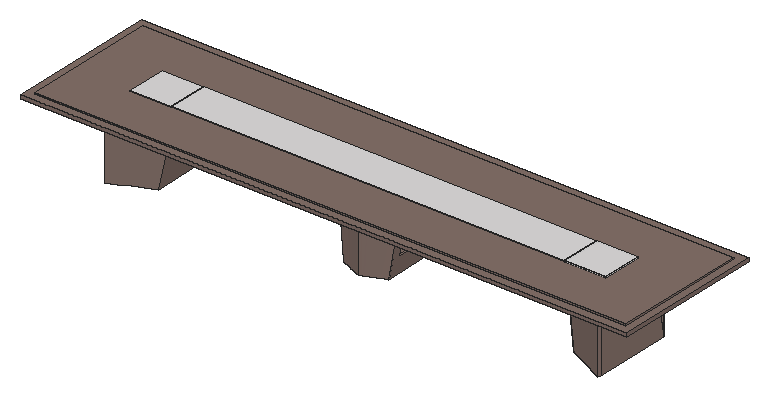
Revit family "Haworth_ExecutiveWoodTablesA5_Rectangular", category Furniture Systems, Revit 2018
Family settings
  Round Connector Dimension = Use Diameter
  Part Type = Normal
  OmniClass Number = 23.40.70.14.64.21
  OmniClass Title = Systems Furniture
  Work Plane-Based = No
  Always vertical = Yes
  Cut with Voids When Loaded = No
  Shared = No
  Room Calculation Point = No
Parameters (values of type "60d 240w")
  Width = 240"
  Warranty = "https://www.haworth.com/resources/product-info/warranties"
  URL - Product = "https://www.haworth.com/products/Tables/Conference/wood-conference"
  Trim Finish = Haworth _ Glass _ Frosted
  Top Thickness = 1 1/2"  # constant formula
  Top Finish [instance] = Haworth _ Wood _ Walnut
  Top Edge Finish [instance] = Haworth _ Wood _ Walnut
  Sustainability = "https://www.haworth.com/company-info/sustainability"
  Support Finish [instance] = Haworth _ Wood _ Walnut
  Standard Widths = "120in - 240in @ 12in increments"  # constant formula
  Standard Depths = "54in or 60in"  # constant formula
  Size = "Verify Final Dim. w/ Haworth"  # constant formula
  Power Module [instance] = yes
  Model = "Haworth Executive Wood Tables A5"
  URL = "https://www.haworth.com/"
  Revision Number = "1"  # constant formula
  Min. Width = 120"  # constant formula
  Min. Depth = 54"  # constant formula
  Max. Width = 240"  # constant formula
  Max. Depth = 60"  # constant formula
  Manufacturer = "Haworth"  # constant formula
  Large = Actual Width > 155"  # yes
  Description = "Haworth Executive Wood Tables A5 Rectangular 60d 240w"
  Depth = 60"
  Custom Size = not(and(or(Depth = 54", Depth = 60"), or(Width = 120", Width = 132", Width = 144", Width = 156", Width = 168", Width = 180", Width = 192", Width = 204", Width = 216", Width = 228", Width = 240")))  # no
  Author = "Haworth (Abd Rahman, Hampton)"  # constant formula
  Assembly Code = "E2020200"
  Actual Width = if(Width > Max. Width, Max. Width, if(Width < Min. Width, Min. Width, Width))  # 240"
  Actual Height = 29 1/2"  # constant formula
  Actual Depth = if(Depth > Max. Depth, Max. Depth, if(Depth < Min. Depth, Min. Depth, Depth))  # 60"
Types (7): name | Width | Large | Description | Depth | Actual Width | Actual Depth
  (no name) | 240" | yes | "Haworth Executive Wood Tables A5 Rectangular 60d 240w" | 60" | 240" | 60"
  60d 240w | 240" | yes | "Haworth Executive Wood Tables A5 Rectangular 60d 240w" | 60" | 240" | 60"
  60d 180w | 180" | yes | "Haworth Executive Wood Tables A5 Rectangular 60d 180w" | 60" | 180" | 60"
  60d 120w | 120" | no | "Haworth Executive Wood Tables A5 Rectangular 60d 120w" | 60" | 120" | 60"
  54d 120w | 120" | no | "Haworth Executive Wood Tables A5 Rectangular 54d 120w" | 54" | 120" | 54"
  54d 180w | 180" | yes | "Haworth Executive Wood Tables A5 Rectangular 54d 180w" | 54" | 180" | 54"
  54d 240w | 240" | yes | "Haworth Executive Wood Tables A5 Rectangular 54d 240w" | 54" | 240" | 54"
Reference planes (in)
  plane 1 "Center F/B": y = -0.15866
  plane 2 "Floor": z = 0
  plane 3 "Center L/R": x = -12
  plane 4 "Table Edge Left": x = -132
  plane 5 "Table Top": z = 29.5
  plane 6 "Table Top Bottom": z = 28
  plane 7 "Leg Outside Left": x = -110
  plane 8 "Leg Outside Right": x = 86
  plane 9 "Left Back": y = 29.84134
  plane 10 "Left Front": y = -30.15866
  plane 11 "Table Middle": z = 29
  plane 12 "Shelf Bottom": z = 29.875
  plane 13 "Shelf Top": z = 29.875
  plane 14 "Shelf 4": x = 65.6775
  plane 15 "Shelf 5": x = 65.9275
  plane 16 "Shelf 6": x = 82.0575
  plane 17 "Shelf 3": x = -89.6775
  plane 18 "Shelf 2": x = -89.9275
  plane 19 "Shelf 1": x = -106.0575
  plane 20 "Shelf Back": y = 7.93134
  plane 21 "Shelf Front": y = -8.24866
  plane 22 "Beam 2": y = -5.71578
  plane 23 "Beam 1": y = -6.71578
  plane 24 "Beam 3": y = 5.39846
  plane 25 "Beam 4": y = 6.39846
  plane 26 "Beam Bottom": z = 22.22715
  plane 27: x = 108
  plane 28: x = -128.87
  plane 29: x = 104.87
  plane 30: y = 26.71134
  plane 31: y = -27.02866
  plane 32: y = 7.93134
  plane 33: y = -8.24866
  plane 34: z = 29.5
  plane 35: z = 30.375
Forms (in)
  Extrusion 1, solid, material "Haworth _ Wood _ Walnut" <- "Top Edge Finish"
    sketch origin (0, 0, 0) x (1, 0, 0) y (0, 1, 0)
      loop
        line (-132, 29.84134) -> (-132, -30.15866) -> (108, -30.15866) -> (108, 29.84134) -> (-132, 29.84134)
    from 28 to 29.5
  Extrusion 2, solid, material "Haworth _ Glass _ Frosted" <- "Trim Finish", visible <- "Power Module"
    sketch origin (-12, 0, 0) x (1, 0, 0) y (0, 1, 0)
      loop
        line (-94.0575, 7.93134) -> (-94.0575, -8.24866) -> (-77.9275, -8.24866) -> (-77.9275, 7.93134) -> (-94.0575, 7.93134)
      loop
        line (-77.6775, 7.93134) -> (-77.6775, -8.24866) -> (77.6775, -8.24866) -> (77.6775, 7.93134) -> (-77.6775, 7.93134)
      loop
        line (77.9275, 7.93134) -> (77.9275, -8.24866) -> (94.0575, -8.24866) -> (94.0575, 7.93134) -> (77.9275, 7.93134)
    from 29.875 to 30.375
  Extrusion 3, solid, material "Haworth _ Wood _ Walnut" <- "Support Finish"
    sketch origin (-0.21499, 1.81009, 0) x (-1, 0, 0) y (0, 0, 1)
      loop
        line (88.70017, 28) -> (-65.14063, 28) -> (-66.1425, 22.22715) -> (89.70204, 22.22715) -> (88.70017, 28)
    from 3.58837 to 4.58837
  Extrusion 4, solid, material "Haworth _ Wood _ Walnut" <- "Support Finish"
    sketch origin (-0.21499, -2.12741, 0) x (-1, 0, 0) y (0, 0, -1)
      loop
        line (88.70017, -28) -> (89.70204, -22.22715) -> (-66.1425, -22.22715) -> (-65.14063, -28) -> (88.70017, -28)
    from 3.58837 to 4.58837
  Extrusion 5, solid, material "Haworth _ Wood _ Walnut" <- "Top Finish"
    sketch origin (0, 0, 0) x (1, 0, 0) y (0, 1, 0)
      loop
        line (-128.87, 26.71134) -> (-128.87, -27.02866) -> (104.87, -27.02866) -> (104.87, 26.71134) -> (-128.87, 26.71134)
    from 29.5 to 29.875
Lines and regions (in)
  Masking region 1
    outline origin (0, 0, 0) x (1, 0, 0) y (0, 1, 0)
      loop
        line (-132, 29.84134) -> (-132, -30.15866) -> (108, -30.15866) -> (108, 29.84134) -> (-132, 29.84134)
  symbolic lines, style "Haworth", visible <- "Power Module"
    curve 1: line (-106.0575, 7.93134, 0) -> (82.0575, 7.93134, 0)
    curve 2: line (-106.0575, -8.24866, 0) -> (-106.0575, 7.93134, 0)
    curve 3: line (82.0575, -8.24866, 0) -> (-106.0575, -8.24866, 0)
    curve 4: line (82.0575, 7.93134, 0) -> (82.0575, -8.24866, 0)
Dimensions and locks (in)
  "Actual Height": plane 5 "Table Top" to level
  "Top Thickness": plane 5 "Table Top" to plane 6 "Table Top Bottom"
  plane 11 "Table Middle" to plane 6 "Table Top Bottom" = 1"
  "Actual Depth": plane 10 "Left Front" to plane 9 "Left Back"
  "Actual Width": plane 4 "Table Edge Left" to plane 27
  equal spacing: plane 4 "Table Edge Left", plane 3 "Center L/R", plane 27
  equal spacing: plane 9 "Left Back", plane 1 "Center F/B", plane 10 "Left Front"
  plane 4 "Table Edge Left" to plane 7 "Leg Outside Left" = 22"
  plane 8 "Leg Outside Right" to plane 27 = 22"
  plane 4 "Table Edge Left" to plane 28 to plane 7 "Leg Outside Left" to plane 19 "Shelf 1" to plane 18 "Shelf 2" to plane 17 "Shelf 3" = 3.13", 18.87", 3.9425", 16.13", 1/4"
  plane 14 "Shelf 4" to plane 15 "Shelf 5" to plane 16 "Shelf 6" to plane 8 "Leg Outside Right" to plane 29 to plane 27 = 1/4", 16.13", 3.9425", 18.87", 3.13"
  locked: plane 10 "Left Front" to plane 31 at 3.13
  locked: plane 9 "Left Back" to plane 30 at 3.13
  locked: plane 35 to plane 13 "Shelf Top" at 0.5
  aligned and locked: Extrusion 1 to plane 5 "Table Top"
  aligned: Extrusion 1 to plane 6 "Table Top Bottom"
  aligned and locked: plane 1 "Center F/B" to nested 1
  aligned and locked: plane 7 "Leg Outside Left" to nested 1
  aligned and locked: nested 2 to plane 1 "Center F/B"
  aligned and locked: plane 8 "Leg Outside Right" to nested 2
  aligned and locked: Extrusion 1 sketch curve to plane 4 "Table Edge Left"
  aligned and locked: Extrusion 1 sketch curve to plane 27
  aligned and locked: plane 10 "Left Front" to Extrusion 1 sketch curve
  aligned and locked: Extrusion 1 sketch curve to plane 9 "Left Back"
  aligned and locked: Extrusion 3 to plane 15 "Shelf 5"
  aligned and locked: Extrusion 4 to Extrusion 3
  aligned and locked: Extrusion 4 to plane 15 "Shelf 5"
  aligned and locked: plane 29 to Extrusion 5 sketch curve
  aligned and locked: plane 31 to Extrusion 5 sketch curve
  aligned and locked: Extrusion 5 sketch curve to plane 28
  aligned and locked: Extrusion 5 sketch curve to plane 30
  aligned and locked: Extrusion 5 to plane 34
  aligned and locked: Extrusion 5 to plane 12 "Shelf Bottom"
  aligned and locked: Extrusion 5 to plane 13 "Shelf Top"
  aligned and locked: Extrusion 2 sketch curve to plane 16 "Shelf 6"
  aligned and locked: Extrusion 2 sketch curve to plane 32  (x3)
  aligned and locked: plane 33 to Extrusion 2 sketch curve  (x3)
  aligned and locked: plane 15 "Shelf 5" to Extrusion 2 sketch curve
  aligned and locked: Extrusion 2 sketch curve to plane 14 "Shelf 4"
  aligned and locked: Extrusion 2 sketch curve to plane 17 "Shelf 3"
  aligned and locked: plane 18 "Shelf 2" to Extrusion 2 sketch curve
  aligned and locked: Extrusion 2 sketch curve to plane 19 "Shelf 1"
  aligned and locked: plane 27 to Masking region 1 sketch curve
  aligned and locked: Masking region 1 sketch curve to plane 10 "Left Front"
  aligned and locked: Masking region 1 sketch curve to plane 9 "Left Back"
  aligned and locked: plane 4 "Table Edge Left" to Masking region 1 sketch curve
  aligned and locked: plane 3 "Center L/R" to nested 3
  aligned and locked: plane 1 "Center F/B" to nested 3
  aligned and locked: plane 35 to Extrusion 2
  aligned and locked: plane 13 "Shelf Top" to Extrusion 2
Automatic sketch dimensions
  Extrusion 3 sketch curve to plane 15 "Shelf 5" = 0"
  Extrusion 3 sketch curve to plane 6 "Table Top Bottom" = 0"
  Extrusion 3 sketch curve to plane 18 "Shelf 2" = 0.01047"
  Extrusion 3 sketch curve to plane 26 "Beam Bottom" = 0"
  Extrusion 3 sketch curve to plane 14 "Shelf 4" = 0.75187"
  Extrusion 3 sketch curve to plane 17 "Shelf 3" = 0.76234"
  Extrusion 4 sketch curve to plane 15 "Shelf 5" = 0"
  Extrusion 4 sketch curve to plane 6 "Table Top Bottom" = 0"
  Extrusion 4 sketch curve to plane 18 "Shelf 2" = 0.01047"
  Extrusion 4 sketch curve to plane 26 "Beam Bottom" = 0"
  Extrusion 4 sketch curve to plane 14 "Shelf 4" = 0.75187"
  Extrusion 4 sketch curve to plane 17 "Shelf 3" = 0.76234"
  curve 3 to plane 19 "Shelf 1" = 0"
  curve 3 to plane 16 "Shelf 6" = 0"
  curve 3 to plane 21 "Shelf Front" = 0"
  curve 2 to plane 20 "Shelf Back" = 0"
Nested families (in)
  nested 1: "Haworth_Executive-A5-Table-Base_End" at (-110, 0, 0), type "End"
  nested 2: "Haworth_Executive-A5-Table-Base_End" at (86, -0.31732, 0) x (-1, 0, 0) z (0, 0, 1), type "End"
  nested 3: "Haworth_Executive-A5-Table-Base_Middle" at (-12, 0, 0), visible <- "Large", type "Middle"
Definition of nested family "Haworth_Executive-A5-Table-Base_End"
  Parameters
    Warranty = "http://haworth.com/bottom-nav/product-info/warranty-info"
    URL - Product = "http://haworth.com/home/tables/executive/wood-conference-tables"
    Sustainability = "http://haworth.com/bottom-nav/company-info/sustainability"
    Support Finish = none
    Size = "Verify Final Dim. w/ Haworth"  # constant formula
    Model = "Haworth_Executive-A5-Table-Base_Middle"  # constant formula
    URL = "http://haworth.com/"
    Revision Number = "1"  # constant formula
    Manufacturer = "Haworth"  # constant formula
    Description = "Haworth_Executive-A5-Table-Base_Middle"
    Custom = "SPECIAL PRODUCT"  # constant formula
    Author = "Haworth (Hampton)"  # constant formula
    Assembly Code = "E2020200"
    Actual Width = 20 55/64"  # constant formula
    Actual Height = 28"  # constant formula
    Actual Depth = 32 25/32"  # constant formula
  Reference planes (in)
    plane 1 "Center F/B": y = -0.15866
    plane 2 "Floor": z = 0
    plane 3 "Center L/R": x = 0
    plane 4 "Table Base Right": x = 20.85937
    plane 5 "Front": y = -16.54928
    plane 6 "Back": y = 16.23197
    plane 7 "Table Top Bottom": z = 28
    plane 8 "Cut Top": z = 18.26903
    plane 9 "Cut Bottom": z = 6.42418
  Forms (in)
    Blend 1, solid, material <- "Support Finish"
      base sketch origin (0, 0, 0) x (1, 0, 0) y (0, 1, 0)
        loop
          line (-0.00489, -15.78374) -> (0.31696, -16.47395) -> (16, -9.15866) -> (15.2404, -8.67474) -> (-0.00489, -15.78374)
      top sketch origin (0, 0, 0) x (1, 0, 0) y (0, 1, 0)
        loop
          line (20.09729, -6.40715) -> (-0.00489, -15.78374) -> (0.31696, -16.47395) -> (20.85937, -6.89487) -> (20.09729, -6.40715)
      from 0 to 28
    Blend 2, solid, material <- "Support Finish"
      base sketch origin (0, -0.31732, 0) x (1, 0, 0) y (0, 1, 0)
        loop
          line (-0.00489, 15.78374) -> (15.2404, 8.67474) -> (16, 9.15866) -> (0.31696, 16.47395) -> (-0.00489, 15.78374)
      top sketch origin (0, -0.31732, 0) x (1, 0, 0) y (0, 1, 0)
        loop
          line (20.09729, 6.40715) -> (20.85937, 6.89487) -> (0.31696, 16.47395) -> (-0.00489, 15.78374) -> (20.09729, 6.40715)
      from 0 to 28
    Blend 3, solid, material <- "Support Finish"
      base sketch origin (0, 0, 0) x (1, 0, 0) y (0, 1, 0)
        loop
          line (15.2404, -8.67474) -> (16, -9.15866) -> (16, 8.84134) -> (15.2404, 8.35742) -> (15.2404, -8.67474)
      top sketch origin (0, 0, 28) x (-1, 0, 0) y (0, -1, 0)
        loop
          line (-20.09729, 6.40715) -> (-20.85937, 6.89487) -> (-20.85937, -6.57755) -> (-20.09729, -6.08983) -> (-20.09729, 6.40715)
      from 0 to 0
    Blend 4, solid, material <- "Support Finish"
      base sketch origin (0, 0, 0) x (1, 0, 0) y (0, 1, 0)
        loop
          line (-0.00489, -15.78374) -> (0.75449, -15.42953) -> (0.75449, 15.11221) -> (-0.00489, 15.46642) -> (-0.00489, -15.78374)
      top sketch origin (0, 0, 0) x (1, 0, 0) y (0, 1, 0)
        loop
          line (3.49656, -14.1505) -> (4.23615, -13.80562) -> (4.23615, 13.4883) -> (3.49656, 13.83318) -> (3.49656, -14.1505)
      from 0 to 27.21163
  Lines and regions (in)
    symbolic lines, detail levels fine
      curve 1: line (20.85937, 6.57755, 28) -> (0.31696, 16.15663, 28)
      curve 2: line (0.31696, 16.15663, 28) -> (-0.00489, 15.46642, 28)
      curve 3: line (-0.00489, -15.78374, 28) -> (0.31696, -16.47395, 28)
      curve 4: line (0.31696, -16.47395, 28) -> (20.85937, -6.89487, 28)
      curve 5: line (20.85937, -6.89487, 28) -> (20.85937, 6.57755, 28)
      curve 6: line (-0.00489, -15.78374, 28) -> (-0.00489, 15.46642, 28)
      curve 7: line (20.85937, -6.89487, 28) -> (20.85937, 6.57755, 28)
  Dimensions and locks (in)
    "Actual Depth": plane 6 "Back" to plane 5 "Front"
    equal spacing: plane 6 "Back", plane 1 "Center F/B", plane 5 "Front"
    "Actual Width": plane 3 "Center L/R" to plane 4 "Table Base Right"
    aligned and locked: Blend 4 to level
    aligned: plane 7 "Table Top Bottom" to Blend 4
  Automatic sketch dimensions
    Blend 1 sketch curve to plane 3 "Center L/R" = 0.00489"  (x2)
    plane 5 "Front" to Blend 1 sketch curve = 0.07533"  (x2)
    plane 3 "Center L/R" to Blend 1 sketch curve = 0.31696"  (x2)
    Blend 1 sketch curve to plane 4 "Table Base Right" = 5.61897"
    Blend 1 sketch curve to Blend 1 sketch curve = 0.7596"
    Blend 1 sketch curve to Blend 1 sketch curve = 0.69021"  (x2)
    Blend 1 sketch curve to Blend 1 sketch curve = 0.48392"
    Blend 1 sketch curve to plane 4 "Table Base Right" = 0"
    Blend 1 sketch curve to plane 4 "Table Base Right" = 0.76208"
    Blend 1 sketch curve to Blend 1 sketch curve = 0.48771"
    plane 3 "Center L/R" to Blend 2 sketch curve = 0.00489"  (x2)
    plane 6 "Back" to Blend 2 sketch curve = 0.07533"  (x2)
    Blend 2 sketch curve to plane 3 "Center L/R" = 0.31696"  (x2)
    plane 4 "Table Base Right" to Blend 2 sketch curve = 5.61897"
    Blend 2 sketch curve to Blend 2 sketch curve = 0.7596"
    Blend 2 sketch curve to Blend 2 sketch curve = 0.69021"  (x2)
    Blend 2 sketch curve to Blend 2 sketch curve = 0.48392"
    Blend 2 sketch curve to plane 4 "Table Base Right" = 0"
    plane 4 "Table Base Right" to Blend 2 sketch curve = 0.76208"
    Blend 2 sketch curve to Blend 2 sketch curve = 0.48771"
    Blend 3 sketch curve to plane 4 "Table Base Right" = 5.61897"
    Blend 3 sketch curve to Blend 3 sketch curve = 0.7596"
    plane 5 "Front" to Blend 3 sketch curve = 7 25/64"
    Blend 3 sketch curve to Blend 3 sketch curve = 0.48392"  (x2)
    Blend 3 sketch curve to plane 6 "Back" = 7.87454"
    Blend 3 sketch curve to plane 4 "Table Base Right" = 0"
    Blend 3 sketch curve to plane 4 "Table Base Right" = 0.76208"
    Blend 3 sketch curve to plane 1 "Center F/B" = 6.73621"
    Blend 3 sketch curve to Blend 3 sketch curve = 0.48771"  (x2)
    plane 1 "Center F/B" to Blend 3 sketch curve = 6.24849"
    Blend 4 sketch curve to plane 3 "Center L/R" = 0.00489"
    plane 3 "Center L/R" to Blend 4 sketch curve = 0.75449"
    plane 5 "Front" to Blend 4 sketch curve = 0.76555"
    Blend 4 sketch curve to Blend 4 sketch curve = 0.35421"
    Blend 4 sketch curve to plane 6 "Back" = 1.11976"
    Blend 4 sketch curve to plane 6 "Back" = 0.76555"
    plane 3 "Center L/R" to Blend 4 sketch curve = 3.49656"
    Blend 4 sketch curve to Blend 4 sketch curve = 0.73959"
    plane 5 "Front" to Blend 4 sketch curve = 2.39879"
    Blend 4 sketch curve to Blend 4 sketch curve = 0.34488"  (x2)
    Blend 4 sketch curve to plane 6 "Back" = 2.74366"
    curve 1 to plane 4 "Table Base Right" = 0"
    plane 5 "Front" to curve 4 = 0.07533"
    plane 3 "Center L/R" to curve 4 = 0.31696"
    curve 1 to plane 6 "Back" = 0.07533"
    plane 3 "Center L/R" to curve 1 = 0.31696"
    curve 6 to plane 3 "Center L/R" = 0.00489"
    curve 1 to curve 2 = 0.69021"
    plane 1 "Center F/B" to curve 5 = 6.73621"
Definition of nested family "Haworth_Executive-A5-Table-Base_Middle"
  Parameters (values of type "Middle")
    Warranty = "http://haworth.com/bottom-nav/product-info/warranty-info"
    URL - Product = "http://haworth.com/home/tables/executive/wood-conference-tables"
    Sustainability = "http://haworth.com/bottom-nav/company-info/sustainability"
    Support Finish = none
    Size = "Verify Final Dim. w/ Haworth"  # constant formula
    Model = "Haworth_Executive-A5-Table-Base_Middle"  # constant formula
    URL = "http://haworth.com/"
    Revision Number = "1"  # constant formula
    Manufacturer = "Haworth"  # constant formula
    Description = "Haworth_Executive-A5-Table-Base_Middle"
    Custom = "SPECIAL PRODUCT"  # constant formula
    Author = "Haworth (Hampton)"  # constant formula
    Assembly Code = "E2020200"
    Actual Width = 25 3/4"  # constant formula
    Actual Height = 29 1/2"  # constant formula
    Actual Depth = 25 7/16"  # constant formula
  Reference planes (in)
    plane 1 "Center F/B": y = -0.15866
    plane 2 "Floor": z = 0
    plane 3 "Center L/R": x = 0
    plane 4 "Table Edge Left": x = -12.875
    plane 5 "Table Edge Right": x = 12.875
    plane 6 "Front": y = -12.87741
    plane 7 "Back": y = 12.56009
    plane 8 "Table Top Bottom": z = 28
    plane 9 "Bottom Offset Back": y = 8.81009
    plane 10 "Bottom Offset Front": y = -9.12741
    plane 11 "Top Offset Back": y = 6.56009
    plane 12 "Top Offset Front": y = -6.87741
    plane 13 "Bottom Right Offset": x = 8.81989
    plane 14 "Bottom Left Offset": x = -8.81989
    plane 15 "Cut Left": y = -5.04055
    plane 16 "Cut Right": y = 4.72323
    plane 17 "Cut Top": z = 18.26903
    plane 18 "Cut Bottom": z = 6.42418
  Forms (in)
    Blend 1, solid, material <- "Support Finish"
      base sketch origin (0, 0, 0) x (1, 0, 0) y (0, 1, 0)
        loop
          line (0, 12.56009) -> (-8.81989, 8.81009) -> (-8.81989, -9.12741) -> (0, -12.87741) -> (8.81989, -9.12741) -> (8.81989, 8.81009) -> (0, 12.56009)
      top sketch origin (0, 0, 0) x (1, 0, 0) y (0, 1, 0)
        loop
          line (0, 12.56009) -> (-12.875, 6.56009) -> (-12.875, -6.87741) -> (0, -12.87741) -> (12.875, -6.87741) -> (12.875, 6.56009) -> (0, 12.56009)
      from 0 to 28
    Blend 2, void
      base sketch origin (0, 0, 0) x (1, 0, 0) y (0, 1, 0)
        loop
          line (-8.06989, 8.314) -> (-8.06989, -8.63131) -> (0, -12.06243) -> (8.06989, -8.63131) -> (8.06989, 8.314) -> (0, 11.74512) -> (-8.06989, 8.314)
      top sketch origin (0, 0, 0) x (1, 0, 0) y (0, 1, 0)
        loop
          line (0, 11.73265) -> (-12.125, 6.08216) -> (-12.125, -6.39948) -> (0, -12.04997) -> (12.125, -6.39948) -> (12.125, 6.08216) -> (0, 11.73265)
      from 1.00769 to 28
    Extrusion 3, void
      sketch origin (0, 0, 0) x (0, 1, 0) y (0, 0, 1)
        loop
          line (-5.04055, 18.26903) -> (-5.04055, 6.42418) -> (4.72323, 6.42418) -> (4.72323, 18.26903) -> (-5.04055, 18.26903)
      from -15.83304 to 16.09976
  Cuts and joins
    Blend 2, Extrusion 3 cuts Blend 1
  Lines and regions (in)
    symbolic lines, detail levels fine
      curve 1: line (0, 12.56009, 0) -> (-12.875, 6.56009, 0)
      curve 2: line (-12.875, 6.56009, 0) -> (-12.875, -6.87741, 0)
      curve 3: line (-12.875, -6.87741, 0) -> (0, -12.87741, 0)
      curve 4: line (0, -12.87741, 0) -> (12.875, -6.87741, 0)
      curve 5: line (12.875, -6.87741, 0) -> (12.875, 6.56009, 0)
      curve 6: line (12.875, 6.56009, 0) -> (0, 12.56009, 0)
  Dimensions and locks (in)
    "Actual Depth": plane 7 "Back" to plane 6 "Front"
    "Actual Width": plane 4 "Table Edge Left" to plane 5 "Table Edge Right"
    equal spacing: plane 4 "Table Edge Left", plane 3 "Center L/R", plane 5 "Table Edge Right"
    equal spacing: plane 7 "Back", plane 1 "Center F/B", plane 6 "Front"
    plane 10 "Bottom Offset Front" to plane 6 "Front" = 3 3/4"
    plane 7 "Back" to plane 9 "Bottom Offset Back" = 3 3/4"
    plane 12 "Top Offset Front" to plane 6 "Front" = 6"
    plane 7 "Back" to plane 11 "Top Offset Back" = 6"
    aligned and locked: Blend 1 to level
    aligned and locked: plane 8 "Table Top Bottom" to Blend 1
    aligned and locked: Extrusion 3 sketch curve to plane 17 "Cut Top"
    aligned and locked: plane 15 "Cut Left" to Extrusion 3 sketch curve
    aligned and locked: plane 18 "Cut Bottom" to Extrusion 3 sketch curve
    aligned and locked: plane 16 "Cut Right" to Extrusion 3 sketch curve
  Automatic sketch dimensions
    Blend 1 sketch curve to plane 9 "Bottom Offset Back" = 0"  (x2)
    Blend 1 sketch curve to plane 14 "Bottom Left Offset" = 0"
    Blend 1 sketch curve to plane 3 "Center L/R" = 0"  (x4)
    Blend 1 sketch curve to plane 13 "Bottom Right Offset" = 0"
    Blend 1 sketch curve to plane 6 "Front" = 0"  (x2)
    plane 10 "Bottom Offset Front" to Blend 1 sketch curve = 0"  (x2)
    Blend 1 sketch curve to plane 7 "Back" = 0"  (x2)
    Blend 1 sketch curve to plane 4 "Table Edge Left" = 0"
    Blend 1 sketch curve to plane 5 "Table Edge Right" = 0"
    plane 12 "Top Offset Front" to Blend 1 sketch curve = 0"  (x2)
    Blend 1 sketch curve to plane 11 "Top Offset Back" = 0"  (x2)
    Blend 2 sketch curve to plane 9 "Bottom Offset Back" = 127/256"  (x2)
    Blend 2 sketch curve to plane 14 "Bottom Left Offset" = 3/4"
    plane 3 "Center L/R" to Blend 2 sketch curve = 0"  (x2)
    Blend 2 sketch curve to plane 10 "Bottom Offset Front" = 127/256"  (x2)
    Blend 2 sketch curve to plane 7 "Back" = 0.81498"
    Blend 2 sketch curve to plane 3 "Center L/R" = 0"  (x2)
    plane 6 "Front" to Blend 2 sketch curve = 0.81498"
    Blend 2 sketch curve to plane 13 "Bottom Right Offset" = 3/4"
    plane 4 "Table Edge Left" to Blend 2 sketch curve = 3/4"
    Blend 2 sketch curve to plane 12 "Top Offset Front" = 0.47793"  (x2)
    Blend 2 sketch curve to plane 11 "Top Offset Back" = 0.47793"  (x2)
    Blend 2 sketch curve to plane 7 "Back" = 0.82744"
    plane 6 "Front" to Blend 2 sketch curve = 0.82744"
    Blend 2 sketch curve to plane 5 "Table Edge Right" = 3/4"
    curve 1 to plane 4 "Table Edge Left" = 0"
    curve 3 to plane 3 "Center L/R" = 0"
    curve 6 to plane 3 "Center L/R" = 0"
    curve 6 to plane 5 "Table Edge Right" = 0"
    curve 4 to plane 6 "Front" = 0"
    plane 12 "Top Offset Front" to curve 2 = 0"
    plane 12 "Top Offset Front" to curve 4 = 0"
    curve 6 to plane 11 "Top Offset Back" = 0"
    curve 1 to plane 11 "Top Offset Back" = 0"
    curve 6 to plane 7 "Back" = 0"
